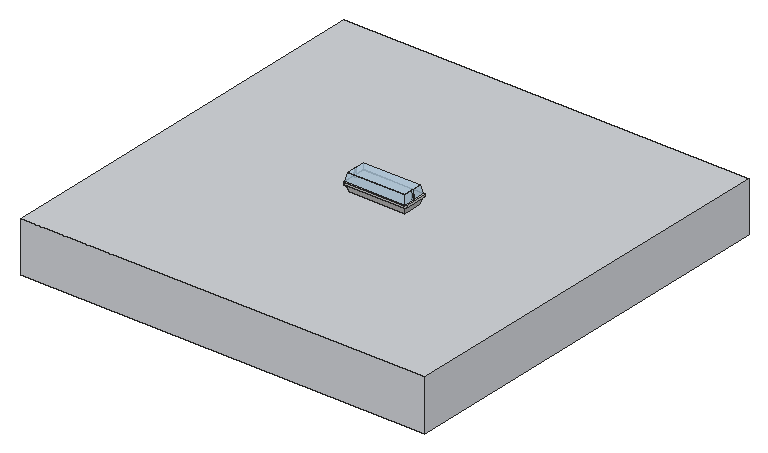
Revit family "GALAD Аларм LED", category Осветительные приборы, Revit 2018
Family settings
  Основа = Грань
  Размер круглого соединителя = Использовать диаметр
  Тип детали = Нормальный
  При загрузке вырезать с полостями = Нет
  Источник света = Да
  Общий = Нет
  Точка расчета площади = Нет
Parameters (values of type "GALAD Аларм LED-24 4000К БАП")
  built-in parameter 1150104 = 13.8 (stored number, unit not read)
  Частота = "50"  # constant formula
  Цветопередача = 80
  built-in parameter 1150134 = 4000
  Файл фотометрической сетки = "GALAD alarm LED-24 4000k bap.IES"
  Угол наклона = 90.00°
  Тип устройства управления светодиодами = "без управления"  # constant formula
  Тип продукции = "Светильник"  # constant formula
  Тип монтажной поверхности = "настенный"
  Тип источника света = "LED"  # constant formula
  Тип ПРА = "ЭПРА"  # constant formula
  Тип КСС = "косинусная"
  Срок службы = "12 лет"  # constant formula
  built-in parameter 1150137 = (empty or 0)
  built-in parameter 1150132 = (empty or 0)
  built-in parameter 1150114 = 1 (stored number, unit not read)
  Снижение светового потока во время разгорания = "не более 6%"
  Dimming Lamp Color Temperature Shift = (empty or 0)
  built-in parameter 1150105 = 109.82 (stored number, unit not read)
  Color Filter = 16777215
  Lumens = 1900 lm
  Световая отдача = 79
  built-in parameter 1150109 = 1 (stored number, unit not read)
  built-in parameter 1150112 = 1 (stored number, unit not read)
  built-in parameter 1150110 = 1 (stored number, unit not read)
  built-in parameter 1150113 = 1 (stored number, unit not read)
  built-in parameter 1150115 = 1 (stored number, unit not read)
  built-in parameter 1114218 = 1 (stored number, unit not read)
  built-in parameter 1114217 = 1 (stored number, unit not read)
  Apparent Load = ADSK_Номинальная мощность / ADSK_Коэффициент мощности  # 12.6316 VA
  Default Elevation = 1219.2 mm
  built-in parameter 1150106 = 1.0982 (stored number, unit not read)
  Описание = "Светодиодный светильник GALAD Аларм LED - это универсальное решение задачи, изготавливается в аварийном исполнении и в исполнении для использования в качестве светильника основного света"  # constant formula
  Область использования = "ЖКХ"
  Нижняя подсечка = 25 mm
  built-in parameter 1150142 = "IESNA:LM-63-1995\r\n[TEST] \r\n[DATA] 23.08.2019\r\n[MORE] И Р А \r\n[MANUFAC] GALAD \r\n[LUMCAT]  \r\n[LUMINAIRE] Аларм LED-24 4000К БАП\r\n[LAMPCAT]\r\n[LAMP] СД  24 Вт\r\nTILT=NONE\r\n1    1900 1.9 73 1 1 2 0.156 0.376 0.107\r\n1.0 1.0 24\r\n0.0 2.5 5.0 7.5 10.0 12.5 15.0 17.5 20.0 22.5 25.0 27.5 30.0 32.5 35.0 37.5 40.0 42.5 45.0 47.5 50.0 52.5 55.0 57.5 60.0 62.5 65.0 67.5 70.0 72.5 75.0 77.5 80.0 82.5 85.0 87.5 90.0 92.5 95.0 97.5 100.0 102.5 105.0 107.5 110.0 112.5 115.0 117.5 120.0 122.5 125.0 127.5 130.0 132.5 135.0 137.5 140.0 142.5 145.0 147.5 150.0 152.5 155.0 157.5 160.0 162.5 165.0 167.5 170.0 172.5 175.0 177.5 180.0\r\n0.0\r\n289.1 289.0 287.5 285.5 281.5 276.7 270.5 263.9 257.1 250.3 243.4 236.5 229.4 222.4 215.4 208.6 202.0 195.4 188.6 181.8 174.9 167.9 160.7 153.0 145.0 136.6 127.6 118.1 107.8 97.0 85.8 74.6 63.7 53.6 44.7 37.8 33.4 30.9 29.2 27.5 25.9 24.6 23.4 22.2 21.0 19.8 18.3 16.5 14.5 12.5 10.9 9.8 8.9 8.0 7.0 6.0 5.1 4.3 3.5 2.8 2.1 1.5 1.0 0.6 0.2 0.1 0.0 0.0 0.0 0.0 0.0 0.0 0.0\r\n289.1 289.0 287.5 285.5 281.5 276.7 270.5 263.9 257.1 250.3 243.4 236.5 229.4 222.4 215.4 208.6 202.0 195.4 188.6 181.8 174.9 167.9 160.7 153.0 145.0 136.6 127.6 118.1 107.8 97.0 85.8 74.6 63.7 53.6 44.7 37.8 33.4 30.9 29.2 27.5 25.9 24.6 23.4 22.2 21.0 19.8 18.3 16.5 14.5 12.5 10.9 9.8 8.9 8.0 7.0 6.0 5.1 4.3 3.5 2.8 2.1 1.5 1.0 0.6 0.2 0.1 0.0 0.0 0.0 0.0 0.0 0.0 0.0\r\n"
  Неравномерность яркости = 0
  built-in parameter 1150133 = 10 (stored number, unit not read)
  Wattage = 9.2903 W
  Материал рассеивателя = Поликарбонат
  Материал корпуса = ПММА
  Коэффициент пульсации = "менее 5%"
  built-in parameter 1150139 = (empty or 0)
  Комментарии к типоразмеру = "АО «КАДОШКИНСКИЙ ЭЛЕКТРОТЕХНИЧЕСКИЙ ЗАВОД»"  # constant formula
  Климатическое исполнение = "1…35 °С"
  Климатическая зона = "УХЛ4"
  Класс светораспределения = "П"
  Класс защиты от поражения электрическим током = "1"  # constant formula
  Класс Защиты = "1"
  built-in parameter 1150138 = (empty or 0)
  built-in parameter 1150107 = 4000 (stored number, unit not read)
  built-in parameter 1150102 = (empty or 0)
  Emit from Rectangle Width = 124 mm
  Emit from Rectangle Length = 344 mm
  Диапазон цветовой температуры = "3985±275"
  Группа модели = "Светильники"  # constant formula
  Возможный угол наклона = "0"  # constant formula
  Видимая форма излучения при визуализации = no
  Верхняя подсечка = 16 mm
  Борт = 6 mm
  Блок аварийного питания = yes
  URL = "https://galad.ru/catalog/indoor/zhkh/alarm/galad-alarm-led-24-4000k-bap/"
  IP = "65"
  ADSK_Энергоэффективность = 79 lm/W
  ADSK_Ток = ADSK_Номинальная мощность / (ADSK_Коэффициент мощности * ADSK_Напряжение * sqrt(ADSK_Количество фаз))  # 0.0549199 A
  ADSK_Размер_Ширина = 156 mm
  ADSK_Размер_Длина = 376 mm
  ADSK_Размер_Высота = 107 mm
  ADSK_Примечание = ""
  ADSK_Полная мощность = ADSK_Номинальная мощность / ADSK_Коэффициент мощности  # 12.6316 VA
  ADSK_Позиция = ""
  ADSK_Обозначение = "ГОСТ 15150-69"
  ADSK_Номинальная мощность = 12 VA  # constant formula
  ADSK_Напряжение = 230 V  # constant formula
  ADSK_Наименование краткое = "GALAD Аларм LED-24 4000К БАП"
  ADSK_Наименование = "GALAD Аларм LED-24 4000К БАП"
  ADSK_Масса_Текст = "2.00"
  ADSK_Масса = 2
  ADSK_Марка = ADSK_Наименование  # "GALAD Аларм LED-24 4000К БАП"
  ADSK_Коэффициент мощности = 0.95  # constant formula
  ADSK_Количество фаз = 1  # constant formula
  ADSK_Количество = 1  # constant formula
  ADSK_Код изделия = "13653"
  ADSK_Классификация нагрузок = Освещение
  ADSK_Завод-изготовитель = "АО «КАДОШКИНСКИЙ ЭЛЕКТРОТЕХНИЧЕСКИЙ ЗАВОД»"
  ADSK_Единица измерения = "шт."  # constant formula
  ADSK_Группирование = ""
  ADSK_Версия семейства = "1.01"  # constant formula
  ADSK_Версия Revit = "2018"  # constant formula
Types (2, lengths in mm): name | Файл фотометрической сетки | built-in parameter 1150142 | Блок аварийного питания | URL | ADSK_Наименование краткое | ADSK_Наименование | ADSK_Марка | ADSK_Код изделия
  GALAD Аларм LED-24 4000К БАП | "GALAD alarm LED-24 4000k bap.IES" | "IESNA:LM-63-1995\r\n[TEST] \r\n[DATA] 23.08.2019\r\n[MORE] И Р А \r\n[MANUFAC] GALAD \r\n[LUMCAT]  \r\n[LUMINAIRE] Аларм LED-24 4000К БАП\r\n[LAMPCAT]\r\n[LAMP] СД  24 Вт\r\nTILT=NONE\r\n1    1900 1.9 73 1 1 2 0.156 0.376 0.107\r\n1.0 1.0 24\r\n0.0 2.5 5.0 7.5 10.0 12.5 15.0 17.5 20.0 22.5 25.0 27.5 30.0 32.5 35.0 37.5 40.0 42.5 45.0 47.5 50.0 52.5 55.0 57.5 60.0 62.5 65.0 67.5 70.0 72.5 75.0 77.5 80.0 82.5 85.0 87.5 90.0 92.5 95.0 97.5 100.0 102.5 105.0 107.5 110.0 112.5 115.0 117.5 120.0 122.5 125.0 127.5 130.0 132.5 135.0 137.5 140.0 142.5 145.0 147.5 150.0 152.5 155.0 157.5 160.0 162.5 165.0 167.5 170.0 172.5 175.0 177.5 180.0\r\n0.0\r\n289.1 289.0 287.5 285.5 281.5 276.7 270.5 263.9 257.1 250.3 243.4 236.5 229.4 222.4 215.4 208.6 202.0 195.4 188.6 181.8 174.9 167.9 160.7 153.0 145.0 136.6 127.6 118.1 107.8 97.0 85.8 74.6 63.7 53.6 44.7 37.8 33.4 30.9 29.2 27.5 25.9 24.6 23.4 22.2 21.0 19.8 18.3 16.5 14.5 12.5 10.9 9.8 8.9 8.0 7.0 6.0 5.1 4.3 3.5 2.8 2.1 1.5 1.0 0.6 0.2 0.1 0.0 0.0 0.0 0.0 0.0 0.0 0.0\r\n289.1 289.0 287.5 285.5 281.5 276.7 270.5 263.9 257.1 250.3 243.4 236.5 229.4 222.4 215.4 208.6 202.0 195.4 188.6 181.8 174.9 167.9 160.7 153.0 145.0 136.6 127.6 118.1 107.8 97.0 85.8 74.6 63.7 53.6 44.7 37.8 33.4 30.9 29.2 27.5 25.9 24.6 23.4 22.2 21.0 19.8 18.3 16.5 14.5 12.5 10.9 9.8 8.9 8.0 7.0 6.0 5.1 4.3 3.5 2.8 2.1 1.5 1.0 0.6 0.2 0.1 0.0 0.0 0.0 0.0 0.0 0.0 0.0\r\n" | yes | "https://galad.ru/catalog/indoor/zhkh/alarm/galad-alarm-led-24-4000k-bap/" | "GALAD Аларм LED-24 4000К БАП" | "GALAD Аларм LED-24 4000К БАП" | "GALAD Аларм LED-24 4000К БАП" | "13653"
  GALAD Аларм LED-24 4000К | "GALAD alarm LED-24 4000k.IES" | "IESNA:LM-63-1995\r\n[TEST] \r\n[DATA] 23.08.2019\r\n[MORE] И Р А \r\n[MANUFAC] GALAD \r\n[LUMCAT]  \r\n[LUMINAIRE] Аларм LED-24 4000К\r\n[LAMPCAT]\r\n[LAMP] СД  24 Вт\r\nTILT=NONE\r\n1    1900 1.9 73 1 1 2 0.156 0.376 0.107\r\n1.0 1.0 24\r\n0.0 2.5 5.0 7.5 10.0 12.5 15.0 17.5 20.0 22.5 25.0 27.5 30.0 32.5 35.0 37.5 40.0 42.5 45.0 47.5 50.0 52.5 55.0 57.5 60.0 62.5 65.0 67.5 70.0 72.5 75.0 77.5 80.0 82.5 85.0 87.5 90.0 92.5 95.0 97.5 100.0 102.5 105.0 107.5 110.0 112.5 115.0 117.5 120.0 122.5 125.0 127.5 130.0 132.5 135.0 137.5 140.0 142.5 145.0 147.5 150.0 152.5 155.0 157.5 160.0 162.5 165.0 167.5 170.0 172.5 175.0 177.5 180.0\r\n0.0\r\n289.1 289.0 287.5 285.5 281.5 276.7 270.5 263.9 257.1 250.3 243.4 236.5 229.4 222.4 215.4 208.6 202.0 195.4 188.6 181.8 174.9 167.9 160.7 153.0 145.0 136.6 127.6 118.1 107.8 97.0 85.8 74.6 63.7 53.6 44.7 37.8 33.4 30.9 29.2 27.5 25.9 24.6 23.4 22.2 21.0 19.8 18.3 16.5 14.5 12.5 10.9 9.8 8.9 8.0 7.0 6.0 5.1 4.3 3.5 2.8 2.1 1.5 1.0 0.6 0.2 0.1 0.0 0.0 0.0 0.0 0.0 0.0 0.0\r\n289.1 289.0 287.5 285.5 281.5 276.7 270.5 263.9 257.1 250.3 243.4 236.5 229.4 222.4 215.4 208.6 202.0 195.4 188.6 181.8 174.9 167.9 160.7 153.0 145.0 136.6 127.6 118.1 107.8 97.0 85.8 74.6 63.7 53.6 44.7 37.8 33.4 30.9 29.2 27.5 25.9 24.6 23.4 22.2 21.0 19.8 18.3 16.5 14.5 12.5 10.9 9.8 8.9 8.0 7.0 6.0 5.1 4.3 3.5 2.8 2.1 1.5 1.0 0.6 0.2 0.1 0.0 0.0 0.0 0.0 0.0 0.0 0.0\r\n" | no | "https://galad.ru/catalog/indoor/zhkh/alarm/galad-alarm-led-24-4000k/" | "GALAD Аларм LED-24 4000К" | "GALAD Аларм LED-24 4000К" | "GALAD Аларм LED-24 4000К" | "13652"
Reference planes
  plane 1 "По центру (Вперед/Назад)": y = 0
  plane 2: z = 0
  plane 3 "По центру (Влево/Вправо)": x = 0
  plane 4: y = 78
  plane 5: y = -78
  plane 6: x = -188
  plane 7: x = 188
  plane 8: z = 107
  plane 9: x = -163
  plane 10: x = 163
  plane 11: y = 53
  plane 12: y = -53
  plane 13: x = -172
  plane 14: y = -62
  plane 15: y = 62
  plane 16: x = 172
  plane 17: y = 72
  plane 18: x = -182
  plane 19: x = 182
  plane 20: y = -72
  plane 21: z = 46
  plane 22: z = 56
Forms (mm)
  Extrusion 1, solid
    sketch origin (0, 0, 0) x (1, 0, 0) y (0, 1, 0)
      loop
        line (-1219.2, 1219.2) -> (-1219.2, -1219.2) -> (1219.2, -1219.2) -> (1219.2, 1219.2) -> (-1219.2, 1219.2)
    from 0 to -304.8
  Blend 2, solid, material "ПММА" <- "Материал корпуса", detail levels medium+fine
    base sketch origin (0, 0, 0) x (1, 0, 0) y (0, 1, 0)
      loop
        line (-163, 53) -> (-163, -53) -> (163, -53) -> (163, 53) -> (-163, 53)
    top sketch origin (0, 0, 0) x (1, 0, 0) y (0, 1, 0)
      loop
        line (-182, 72) -> (-182, -72) -> (182, -72) -> (182, 72) -> (-182, 72)
    from 0 to 46
  Blend 3, solid, material "Поликарбонат" <- "Материал рассеивателя", detail levels medium+fine
    base sketch origin (0, 0, 0) x (1, 0, 0) y (0, 1, 0)
      loop
        line (172, -62) -> (172, 62) -> (-172, 62) -> (-172, -62) -> (172, -62)
    top sketch origin (0, 0, 0) x (1, 0, 0) y (0, 1, 0)
      loop
        line (-182, 72) -> (-182, -72) -> (182, -72) -> (182, 72) -> (-182, 72)
    from 107 to 56
  Extrusion 4, solid, material "ПММА" <- "Материал корпуса", detail levels medium+fine
    sketch origin (0, 0, 0) x (1, 0, 0) y (0, 1, 0)
      loop
        arc (-178, 78) -> (-185.071, 75.071) -> (-188, 68) r 10
        line (-188, 68) -> (-188, -68)
        arc (-188, -68) -> (-185.071, -75.071) -> (-178, -78) r 10
        line (-178, -78) -> (178, -78)
        arc (178, -78) -> (185.071, -75.071) -> (188, -68) r 10
        line (188, -68) -> (188, 68)
        arc (188, 68) -> (185.071, 75.071) -> (178, 78) r 10
        line (178, 78) -> (-178, 78)
    from 46 to 56
  Extrusion 5, void
    sketch origin (0, 0, 0) x (1, 0, 0) y (0, 1, 0)
      loop
        arc (172, 6) -> (166, 0) -> (172, -6) r 6
        line (172, -6) -> (182, -6) -> (182, 6) -> (172, 6)
    from 56 to 107
  Extrusion 6, void
    sketch origin (0, 0, 0) x (-1, 0, 0) y (0, -1, 0)
      loop
        line (172, -6) -> (182, -6) -> (182, 6) -> (172, 6)
        arc (172, 6) -> (166, 0) -> (172, -6) r 6
    from 56 to 107
  Extrusion 7, solid, detail levels coarse
    sketch origin (0, 0, 0) x (1, 0, 0) y (0, 1, 0)
      loop
        line (-188, 78) -> (-188, -78) -> (188, -78) -> (188, 78) -> (-188, 78)
    from 0 to 107
Cuts and joins
  Extrusion 5 cuts Blend 2
  Extrusion 5, Extrusion 6 cuts Blend 3
  Extrusion 5, Extrusion 6 cuts Extrusion 4
Dimensions and locks
  equal spacing: plane 6, plane 3 "По центру (Влево/Вправо)", plane 7
  "ADSK_Размер_Длина": plane 6 to plane 7
  equal spacing: plane 4, plane 1 "По центру (Вперед/Назад)", plane 5
  "ADSK_Размер_Ширина": plane 4 to plane 5
  "ADSK_Размер_Высота": plane 8 to level
  "Нижняя подсечка": plane 11 to plane 4
  "Нижняя подсечка": plane 6 to plane 9
  "Нижняя подсечка": plane 10 to plane 7
  "Нижняя подсечка": plane 5 to plane 12
  "Верхняя подсечка": plane 6 to plane 13
  "Верхняя подсечка": plane 16 to plane 7
  "Верхняя подсечка": plane 5 to plane 14
  "Верхняя подсечка": plane 4 to plane 15
  "Борт": plane 6 to plane 18
  "Борт": plane 19 to plane 7
  "Борт": plane 20 to plane 5
  "Борт": plane 4 to plane 17
  locked: plane 8 to plane 22 at 51
  locked: plane 22 to plane 21 at 10
  plane 21 to level = 46 mm
  aligned and locked: plane 2 to Extrusion 1
  aligned and locked: level to Extrusion 1
  aligned and locked: plane 11 to Blend 2 sketch curve
  aligned and locked: plane 9 to Blend 2 sketch curve
  aligned and locked: Blend 2 sketch curve to plane 12
  aligned and locked: plane 10 to Blend 2 sketch curve
  aligned and locked: Blend 2 sketch curve to plane 17
  aligned and locked: plane 18 to Blend 2 sketch curve
  aligned and locked: plane 20 to Blend 2 sketch curve
  aligned and locked: Blend 2 sketch curve to plane 19
  aligned and locked: Blend 3 sketch curve to plane 14
  aligned and locked: Blend 3 sketch curve to plane 16
  aligned and locked: plane 15 to Blend 3 sketch curve
  aligned and locked: plane 13 to Blend 3 sketch curve
  aligned and locked: plane 20 to Blend 3 sketch curve
  aligned and locked: Blend 3 sketch curve to plane 19
  aligned and locked: Blend 3 sketch curve to plane 17
  aligned and locked: plane 18 to Blend 3 sketch curve
  aligned and locked: Blend 3 to plane 8
  aligned and locked: plane 8 to Extrusion 5
  aligned and locked: Extrusion 7 sketch curve to plane 4
  aligned and locked: plane 6 to Extrusion 7 sketch curve
  aligned and locked: plane 5 to Extrusion 7 sketch curve
  aligned and locked: Extrusion 7 sketch curve to plane 7
  aligned and locked: Extrusion 7 to level
  aligned and locked: plane 8 to Extrusion 7
Automatic sketch dimensions
  Extrusion 1 sketch curve to Extrusion 1 sketch curve = 2438.4 mm  (x2)
  Extrusion 4 sketch curve to plane 6 = 0 mm
  Extrusion 4 sketch curve to plane 4 = 0 mm
  Extrusion 4 sketch curve to plane 5 = 0 mm
  Extrusion 4 sketch curve to plane 7 = 0 mm
  plane 18 to Extrusion 4 sketch curve = 4 mm  (x2)
  Extrusion 4 sketch curve to plane 19 = 4 mm  (x2)
  Extrusion 5 sketch curve to plane 16 = 0 mm
  Extrusion 5 sketch curve to plane 19 = 0 mm
  plane 1 "По центру (Вперед/Назад)" to Extrusion 5 sketch curve = 0 mm
  plane 1 "По центру (Вперед/Назад)" to Extrusion 5 sketch curve = 6 mm
  Extrusion 6 sketch curve to plane 13 = 0 mm
  Extrusion 6 sketch curve to plane 18 = 0 mm
  plane 1 "По центру (Вперед/Назад)" to Extrusion 6 sketch curve = 0 mm
  Extrusion 6 sketch curve to plane 1 "По центру (Вперед/Назад)" = 6 mm
Connectors
  electrical at (0, 0, 0), driven by "ADSK_Классификация нагрузок", driven by "ADSK_Напряжение", driven by "ADSK_Полная мощность", driven by "ADSK_Коэффициент мощности"
    settings: on cut or joined group of Blend 2, Extrusion 5, index 1, voltage 230 V, apparent load 12.6316 VA, apparent load phase1 0 VA, apparent load phase2 0 VA, apparent load phase3 0 VA, power factor 0.95, load classification "Освещение", number of poles 1, system type 30, power factor state 1, is connector primary yes, connector utility no, sub classification motor no, connector description ""
